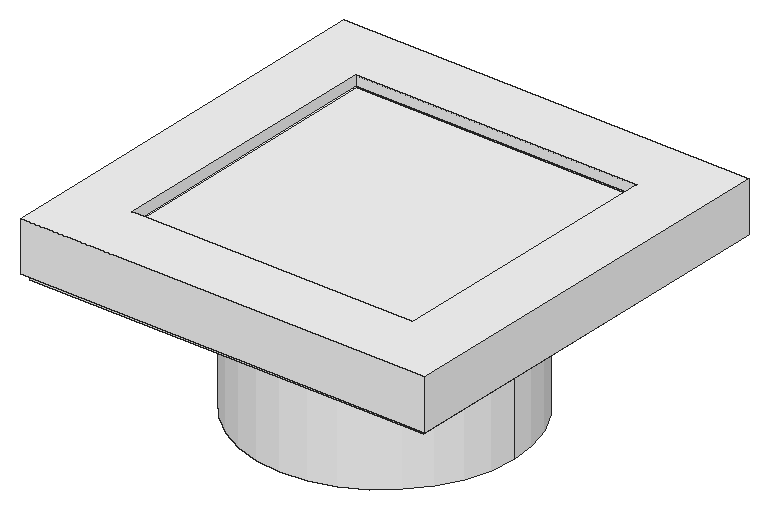
Revit family "Gira_012827", category Electrical Fixtures, host Face, Revit 2017
Family settings
  Host = Face
  Maintain Annotation Orientation = Yes
  Round Connector Dimension = Use Diameter
  Part Type = Normal
  Cut with Voids When Loaded = No
  Shared = No
  Room Calculation Point = No
Parameters (values of type "PB sw. 2-way 2-g System 55 p.white m")
  With mounting plate = "No"
  Wiring system = "Alternating-/alternating switch"
  White [instance] = White
  Washing machine switch = "No"
  URL = "http://katalog.gira.de/en/datenblatt.html?artikelnr=012827"
  Type of fastening = "Mounting with claw and screw"
  Surface protection = "Other"
  Surface finishing = "Matt"
  Suitable for degree of protection (IP) = "IP20"
  Rated current = "10"
  RAL-number (akin) = "9010"
  Push button switch = "Yes"
  Number of rockers = "2"
  Nominal voltage = "250"
  Name = "PB sw. 2-way 2-g System 55 p.white m"
  Mounting method = "Flush mounted (plaster)"
  Model = "Sys55_Komplettgerät_Schalten und Tasten"
  Method of operation = "Rocker/button"
  Material quality = "Thermoplastic"
  Material = "Plastic"
  Manufacturer URL = "https://www.gira.de/"
  Manufacturer = "Gira"
  Label space/information surface = "No"
  Illumination = "No"
  HeinzeBIM = "https://bimportal.heinze.de/bim/pb-sw-2-way-2-g-system-55-p-white-m/c6db94acbe3c989c6e062a3dc7877697d8ed5928"
  Halogen free = "Yes"
  HAN = "012827"
  GTIN = "4010337128274"
  Feedback-signal contact = "No"
  Description = "PB sw.2-w 2g Sys55 PWm,Pushbutton switch, 10 AX 250 V~ with rocker, 2-gang,2-way switch, 2-gang,pure white matt,"
  Default Elevation = 1219.2 mm
  Data sheet (1) = "https://katalog.gira.de/en/download.html?artikelnr=012827"
  Connection type = "Plug clamp"
  Colour = "White"
  Category = "Switch"
  BIM (1) = "https://media.stage.bim.site/public/gira/36a6b08/Sys55_Komplettgerät_Schalten und Tasten.rfa?public/gira/36a6b08/Sys55_Komplettgerät_Schalten und Tasten.rfa"
  Available = "No"
  Assembly arrangement = "Basic element with central cover plate"
Reference planes
  plane 1 "Center (Front/Back)": y = 0
  plane 2: z = 0
  plane 3 "Center (Left/Right)": x = 0
Forms (mm)
  Extrusion 1, solid, material "White" <- "White", detail levels medium
    sketch origin (0, 0, 0) x (1, 0, 0) y (0, 1, 0)
      loop
        line (-40.4, 40.4) -> (-40.4, -40.4) -> (40.4, -40.4) -> (40.4, 40.4) -> (-40.4, 40.4)
      loop
        line (-28, 28) -> (-28, -28) -> (28, -28) -> (28, 28) -> (-28, 28)
    from 0 to 10
  Extrusion 2, solid, material "White" <- "White", detail levels fine
    sketch origin (0, 0, 0) x (1, 0, 0) y (0, 1, 0)
      loop
        line (-40.4, 40.4) -> (-40.4, -40.4) -> (40.4, -40.4) -> (40.4, 40.4) -> (-40.4, 40.4)
      loop
        line (-28, 28) -> (-28, -28) -> (28, -28) -> (28, 28) -> (-28, 28)
    from 0 to 10
  Extrusion 3, void
    sketch origin (0, 0, 0) x (1, 0, 0) y (0, 1, 0)
      loop
        line (-38.4, 38.4) -> (-38.4, -38.4) -> (38.4, -38.4) -> (38.4, 38.4) -> (-38.4, 38.4)
    from 0 to 8
  Extrusion 4, solid, material "White" <- "White", detail levels medium+fine
    sketch origin (0, 0, 0) x (1, 0, 0) y (0, 1, 0)
      loop
        line (-39.4, 39.4) -> (-39.4, -39.4) -> (39.4, -39.4) -> (39.4, 39.4) -> (-39.4, 39.4)
    from 0 to -1
  Extrusion 5, solid, material "White" <- "White", detail levels medium+fine
    sketch origin (0, 0, 0) x (1, 0, 0) y (0, 1, 0)
      loop
        line (-35.5, 35.5) -> (-35.5, -35.5) -> (35.5, -35.5) -> (35.5, 35.5) -> (-35.5, 35.5)
    from -2 to -3
  Extrusion 6, solid, material "White" <- "White", detail levels medium+fine
    sketch origin (0, 0, 0) x (1, 0, 0) y (0, 1, 0)
      loop
        circle (0, 0) r 26
    from 0 to -27.5
  Extrusion 7, solid, material "White" <- "White", detail levels coarse
    sketch origin (0, 0, 0) x (1, 0, 0) y (0, 1, 0)
      loop
        line (-40.4, 40.4) -> (-40.4, -40.4) -> (40.4, -40.4) -> (40.4, 40.4) -> (-40.4, 40.4)
    from -27.5 to 10
Cuts and joins
  Extrusion 3 cuts Extrusion 2
Dimensions and locks
  aligned and locked: plane 2 to host face
  aligned and locked: level to host face
  aligned and locked: plane 3 "Center (Left/Right)" to nested 2
  aligned and locked: plane 1 "Center (Front/Back)" to nested 2
Nested families
  nested 1: "Sys55_Abdeckung_Schalten und Tasten_floor_base" at (0, 0, 0), type "Sys55_Abdeckung_Schalten und Tasten_floor_base"
  nested 2: "Schalter" at (0, 0, 0), type "Schalter"
Connectors
  electrical at (0, 0, -27.5)
    settings: on Extrusion 6, index 1, voltage 220 V, apparent load 0 VA, apparent load phase1 0 VA, apparent load phase2 0 VA, apparent load phase3 0 VA, power factor 1, load classification "Other", number of poles 1, system type 30, power factor state 1, is connector primary yes, connector utility no, sub classification motor no, connector description ""
Definition of nested family "Sys55_Abdeckung_Schalten und Tasten_floor_base"
  Parameters
    Default Elevation = 1219.2 mm
    White [instance] = none
  Reference planes
    plane 1 "Center (Front/Back)": y = 0
    plane 2: z = 0
    plane 3 "Center (Left/Right)": x = 0
  Forms (mm)
    Extrusion 1, solid
      sketch origin (0, 0, 0) x (1, 0, 0) y (0, 1, 0)
        loop
          line (-1219.2, 1219.2) -> (-1219.2, -1219.2) -> (1219.2, -1219.2) -> (1219.2, 1219.2) -> (-1219.2, 1219.2)
      from 0 to -304.8
    Extrusion 2, solid, material <- "White", detail levels fine
      sketch origin (0, 0, 0) x (1, 0, 0) y (0, 1, 0)
        loop
          line (-27.5, 27.5) -> (-27.5, -27.5) -> (27.5, -27.5) -> (27.5, 27.5) -> (-27.5, 27.5)
      from 0 to 8
    Extrusion 3, void
      sketch origin (0, 0, 0) x (1, 0, 0) y (0, 1, 0)
        loop
          line (26, 26) -> (-26, 26) -> (-26, -26) -> (26, -26) -> (26, 26)
      from 0 to 6
    Extrusion 4, solid, material <- "White", detail levels medium
      sketch origin (0, 0, 0) x (1, 0, 0) y (0, 1, 0)
        loop
          line (-27.5, 27.5) -> (-27.5, -27.5) -> (27.5, -27.5) -> (27.5, 27.5) -> (-27.5, 27.5)
      from 0 to 8
    Extrusion 5, solid, material <- "White", detail levels medium
      sketch origin (0, 0, 0) x (1, 0, 0) y (0, 1, 0)
        loop
          line (11, -17.5) -> (11, 17.5) -> (-11, 17.5) -> (-11, -17.5) -> (11, -17.5)
      from -6 to 6
    Extrusion 6, solid, material <- "White", detail levels fine
      sketch origin (0, 0, 0) x (1, 0, 0) y (0, 1, 0)
        loop
          line (11, 17.5) -> (-11, 17.5) -> (-11, 16.5) -> (11, 16.5) -> (11, 17.5)
        loop
          line (-11, -16.5) -> (-11, -17.5) -> (11, -17.5) -> (11, -16.5) -> (-11, -16.5)
      from -4 to 6
    Extrusion 7, solid, material <- "White", detail levels fine
      sketch origin (0, 0, 0) x (1, 0, 0) y (0, 1, 0)
        loop
          arc (5, 9.347) -> (0, 10.6) -> (-5, 9.347) r 10.6
          line (-5, 9.347) -> (-5, -9.347)
          arc (-5, -9.347) -> (0, -10.6) -> (5, -9.347) r 10.6
          line (5, -9.347) -> (5, 9.347)
      from -6 to 6
    Extrusion 8, solid, material <- "White", detail levels coarse
      sketch origin (0, 0, 0) x (1, 0, 0) y (0, 1, 0)
        loop
          line (-27.5, 27.5) -> (-27.5, -27.5) -> (27.5, -27.5) -> (27.5, 27.5) -> (-27.5, 27.5)
      from -6 to 8
  Cuts and joins
    Extrusion 3 cuts Extrusion 2
  Dimensions and locks
    aligned and locked: plane 2 to Extrusion 1
    aligned and locked: level to Extrusion 1
Definition of nested family "Schalter"
  Reference planes
    plane 1: y = 0
    plane 2: x = 0
  Lines and regions (mm)
    detail lines
      curve 1: circle (1.375, 2.778, 0) r 0.8 normal (0, 0, 1)
      curve 2: line (1.021, 2.061, 0) -> (0, 0, 0)
      curve 3: line (0, 0, 0) -> (-0.538, 0.266, 0)
  Dimensions and locks
    curve 2 to curve 2 = 2.3 mm
    curve 3 to curve 2 = 0.6 mm
    radius of curve 1 = 0.8 mm
